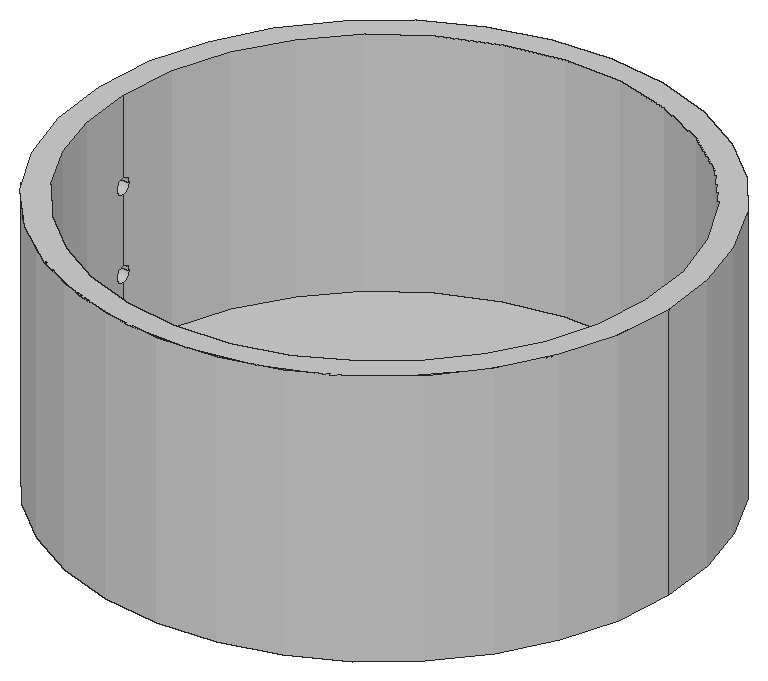
Revit family "KOD 20.10", category Фундамент несущей конструкции, Revit 2025
Family settings
  Материал для поведения модели = Прочее
  Заглушка = Нет
  Номер OmniClass = 23.25.05.00
  Заголовок OmniClass = Foundations
  На основе рабочей плоскости = Нет
  Всегда вертикально = Да
  При загрузке вырезать с полостями = Нет
  Общий = Нет
  Показывать семейство разрезанным на планах = Да
Parameters
  Петля = Петля_П1_П2 : П2
Reference planes
  plane 1 "По центру (Вперед/Назад)": y = -35
  plane 2: z = 0
  plane 3 "По центру (Влево/Вправо)": x = 0
  plane 4: z = 990
  plane 5: x = -1100
  plane 6: x = 1100
  plane 7: x = -1090
  plane 8: x = -1010
  plane 9: x = 1090
  plane 10: x = 1010
  plane 11: z = 370
  plane 12: z = 675
Forms (mm)
  Extrusion 1, solid, material "Бетон В15"
    sketch origin (0, 0, 0) x (1, 0, 0) y (0, 1, 0)
      loop
        circle (0, -35) r 1100
      loop
        circle (0, -35) r 1010
    from 0 to 990
  Extrusion 2, void
    sketch origin (0, 0, 0) x (0, 1, 0) y (0, 0, 1)
      loop
        circle (-35, 370) r 30
    from -1090 to 1090
  Extrusion 3, solid, material "Бетон В15"
    sketch origin (0, 0, 0) x (1, 0, 0) y (0, 1, 0)
      loop
        circle (0, -35) r 1010
    from 0 to 100
  Extrusion 4, void
    sketch origin (0, 0, 305) x (0, 1, 0) y (0, 0, 1)
      loop
        circle (-35, 370) r 30
    from -1090 to 1090
Cuts and joins
  Extrusion 2, Extrusion 4 cuts Extrusion 1
  Extrusion 4 cuts Extrusion 3
  joined: Extrusion 1, Extrusion 3
Dimensions and locks
  plane 4 to level = 990 mm
  plane 11 to level = 370 mm
  plane 12 to plane 11 = 305 mm
  aligned and locked: plane 2 to level
